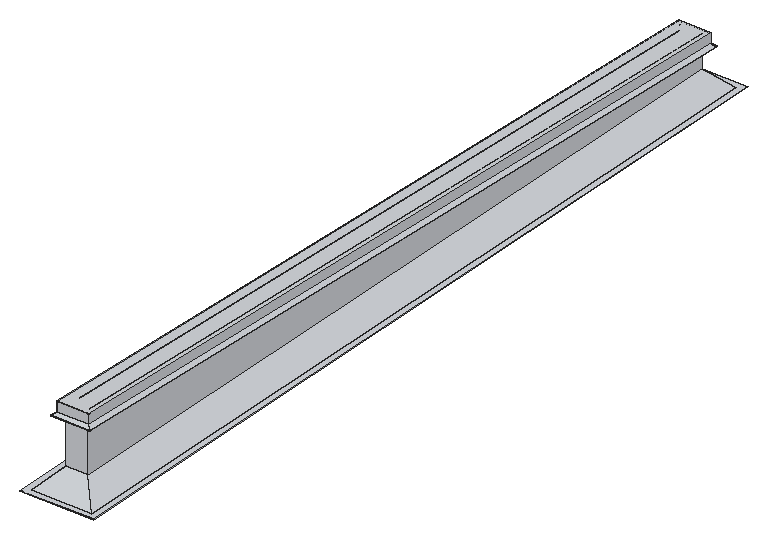
Revit family "UES-2", category Mechanical Equipment, Revit 2015
Parameters
  Width = 0' - 3 1/2"
  URL = "https://unitedenertech.com/catalog/pdf/M_6%20UES-2.pdf"
  Type Comments = "Consult Factory for Max. Sizes"
  Roof Slope = 2.00°
  Model = "UES-2"
  Manufacturer = "United Enertech Corporation"
  Length = 10' - 0"
  Height (8" Standard) = 0' - 8"
  Description = "Equipment Support"
  Cap Width [instance] = Width + 0' 1 1/2"  # 0' - 5"
  Cap Length [instance] = Length + 0' 1 1/2"  # 10' - 1 1/2"
Reference planes (in)
  plane 1 "Center (Front/Back)": y = 0
  plane 2: z = 0
  plane 3 "Center (Left/Right)": x = 0
  plane 4: x = -1.75
  plane 5: x = 1.75
  plane 6: x = -4.75
  plane 7: x = -5.75
  plane 8: x = 4.75
  plane 9: x = 5.75
  plane 10: y = -60
  plane 11: y = -120
  plane 12: y = 3
  plane 13: y = 4
  plane 14: y = -123
  plane 15: y = -124
  plane 16: z = 0.0478
  plane 17: z = 3.0478
  plane 18: z = 8
  plane 19: z = 7.9522
  plane 20: z = 6.4522
  plane 21: x = -2.5
  plane 22: x = 2.5
  plane 23: y = 0.75
  plane 24: y = -120.75
Forms (in)
  Extrusion 1, solid
    sketch origin (0, 0, 0) x (0, 1, 0) y (0, 0, 1)
      loop
        line (4, 0.13968) -> (4, 0.18748) -> (-124, -4.28238) -> (-124, -4.33018) -> (4, 0.13968)
    from -5.75 to 5.75
  Extrusion 2, solid, material "Wood (Oak)"
    sketch origin (0, 0, 0) x (1, 0, 0) y (0, 0, 1)
      loop
        line (-1.75, 6.4522) -> (1.75, 6.4522) -> (1.75, 7.9522) -> (-1.75, 7.9522) -> (-1.75, 6.4522)
    from 0 to 120
  Extrusion 3, solid
    sketch origin (0, 0, 0) x (0, 1, 0) y (0, 0, 1)
      loop
        line (0, 6.4522) -> (-120, 6.4522) -> (-120, -1.14269) -> (0, 3.0478) -> (0, 6.4522)
    from -1.75 to 1.75
  Extrusion 4, solid
    sketch origin (0, 0, 0) x (0, 1, 0) y (0, 0, 1)
      loop
        line (0, 3.0478) -> (0, 0.0478) -> (3, 0.15256) -> (0, 3.0478)
    from -4.75 to 4.75
  Extrusion 5, solid
    sketch origin (0, 0, 0) x (0, 1, 0) y (0, 0, 1)
      loop
        line (-120, -1.14269) -> (-123, -4.24745) -> (-120, -4.14269) -> (-120, -1.14269)
    from -4.75 to 4.75
  Blend 6, solid
    base sketch origin (0, 0, 0) x (0, 1, 0) y (0, 0, 1)
      loop
        line (3, 0.10476) -> (3, 0.15256) -> (-123, -4.24745) -> (-123, -4.29525) -> (3, 0.10476)
    top sketch origin (0, 0, 0) x (0, 1, 0) y (0, 0, 1)
      loop
        line (3, 0.10476) -> (3, 3.15256) -> (-123, -1.24745) -> (-123, -4.29525) -> (3, 0.10476)
    from -4.75 to -1.75
  Blend 7, solid
    base sketch origin (0, 0, 0) x (0, 1, 0) y (0, 0, 1)
      loop
        line (3, 0.10476) -> (3, 0.15256) -> (-123, -4.24745) -> (-123, -4.29525) -> (3, 0.10476)
    top sketch origin (0, 0, 0) x (0, 1, 0) y (0, 0, 1)
      loop
        line (3, 0.10476) -> (3, 3.15256) -> (-123, -1.24745) -> (-123, -4.29525) -> (3, 0.10476)
    from 4.75 to 1.75
  Extrusion 8, void
    sketch origin (-241.1404, -40.70941, 0) x (1, 0, 0) y (0, 1, 0)
      loop
        line (217.60613, -54.00632) -> (245.8904, -82.29059) -> (245.8904, -54.00632) -> (217.60613, -54.00632)
    from -449.07591 to 641.22837
  Extrusion 9, void
    sketch origin (-222.35613, 9.00632, 0) x (1, 0, 0) y (0, 1, 0)
      loop
        line (217.60613, -6.00632) -> (245.8904, -34.29059) -> (245.8904, -6.00632) -> (217.60613, -6.00632)
    from -527.06207 to 741.18374
  Extrusion 10, void
    sketch origin (-275.04567, 5.59022, 0) x (1, 0, 0) y (0, 1, 0)
      loop
        line (249.39007, -32.99581) -> (279.79567, -2.59022) -> (249.39007, -2.59022) -> (249.39007, -32.99581)
    from -347.06695 to 700.86025
  Extrusion 11, void
    sketch origin (-254.14007, -42.00419, 0) x (1, 0, 0) y (0, 1, 0)
      loop
        line (249.39007, -80.99581) -> (279.79567, -50.59022) -> (249.39007, -50.59022) -> (249.39007, -80.99581)
    from -422.34024 to 769.89733
  Extrusion 12, void
    sketch origin (-236.13704, 5.54592, 0) x (1, 0, 0) y (0, 1, 0)
      loop
        line (240.88704, -128.54592) -> (217.55251, -105.2114) -> (217.55251, -128.54592) -> (240.88704, -128.54592)
    from -734.96275 to 1325.69498
  Extrusion 13, void
    sketch origin (-222.30251, 60.2114, 0) x (1, 0, 0) y (0, 1, 0)
      loop
        line (288.88704, -128.54592) -> (217.55251, -57.2114) -> (217.55251, -128.54592) -> (288.88704, -128.54592)
    from -903.08168 to 960.30371
  Extrusion 14, void
    sketch origin (-283.40378, 3.2669, 0) x (1, 0, 0) y (0, 1, 0)
      loop
        line (278.65378, -126.2669) -> (301.2812, -126.2669) -> (301.2812, -103.63948) -> (278.65378, -126.2669)
    from -644.42914 to 923.98472
  Extrusion 15, void
    sketch origin (-296.5312, 58.63948, 0) x (1, 0, 0) y (0, 1, 0)
      loop
        line (278.65378, -78.2669) -> (301.2812, -78.2669) -> (301.2812, -55.63948) -> (278.65378, -78.2669)
    from -638.16384 to 880.1276
Cuts and joins
  Extrusion 9, Extrusion 14 cuts Blend 6
  Extrusion 8, Extrusion 11 cuts Extrusion 5
  Extrusion 10, Extrusion 12 cuts Blend 7
  Extrusion 13, Extrusion 15 cuts Extrusion 4
Lines and regions (in)
  reference lines
    curve 1: line (0, 0, 0) -> (0, -155.90497, -5.44432)
    curve 2: line (0, 0, 0.0478) -> (0, -45.22243, -1.5314)
    curve 3: line (0, 0, 3.0478) -> (0, -54.71665, 1.13705)
Dimensions and locks (in)
  equal spacing: plane 4, plane 3 "Center (Left/Right)", plane 5
  "Width": plane 4 to plane 5
  locked: plane 6 to plane 4 at 3
  locked: plane 7 to plane 6 at 1
  locked: plane 9 to plane 8 at 1
  locked: plane 5 to plane 8 at 3
  equal spacing: plane 11, plane 10, plane 1 "Center (Front/Back)"
  "Length": plane 1 "Center (Front/Back)" to plane 11
  locked: plane 1 "Center (Front/Back)" to plane 12 at 3
  locked: plane 13 to plane 12 at 1
  locked: plane 15 to plane 14 at 1
  locked: plane 14 to plane 11 at 3
  locked: plane 16 to level at 0.0478
  locked: plane 17 to plane 16 at 3
  locked: plane 18 to plane 19 at 0.0478
  locked: plane 19 to plane 20 at 1.5
  "Height (8" Standard)": plane 18 to level
  locked: plane 4 to plane 21 at 0.75
  locked: plane 5 to plane 22 at 0.75
  locked: plane 23 to plane 1 "Center (Front/Back)" at 0.75
  locked: plane 11 to plane 24 at 0.75
  "Roof Slope": angle curve 1 to level
  "Roof Slope": angle curve 3 to plane 17
  "Roof Slope": angle curve 2 to plane 16
  locked: Extrusion 8 sketch curve to Extrusion 8 sketch curve (angle 45.00°)  (x2)
  locked: Extrusion 9 sketch curve to Extrusion 9 sketch curve (angle 45.00°)  (x2)
  locked: Extrusion 10 sketch curve to Extrusion 10 sketch curve (angle 45.00°)  (x2)
  locked: Extrusion 11 sketch curve to Extrusion 11 sketch curve (angle 45.00°)  (x2)
  locked: Extrusion 12 sketch curve to Extrusion 12 sketch curve (angle 45.00°)  (x2)
  locked: Extrusion 13 sketch curve to Extrusion 13 sketch curve (angle 45.00°)  (x2)
  locked: Extrusion 14 sketch curve to Extrusion 14 sketch curve (angle 45.00°)  (x2)
  locked: Extrusion 15 sketch curve to Extrusion 15 sketch curve (angle 45.00°)  (x2)
  aligned and locked: level to plane 2
  aligned and locked: plane 1 "Center (Front/Back)" to curve 1
  aligned and locked: level to curve 1
  aligned and locked: plane 1 "Center (Front/Back)" to curve 3
  aligned and locked: plane 1 "Center (Front/Back)" to curve 2
  aligned and locked: plane 16 to curve 2
  aligned and locked: plane 17 to curve 3
  aligned and locked: Extrusion 1 sketch curve to plane 13
  aligned and locked: Extrusion 1 sketch curve to plane 15
  aligned and locked: Extrusion 1 sketch curve to curve 2
  aligned and locked: Extrusion 1 sketch curve to curve 1
  aligned and locked: Extrusion 1 to plane 7
  aligned and locked: Extrusion 1 to plane 9
  aligned and locked: nested 1 to plane 10
  aligned and locked: nested 1 to plane 3 "Center (Left/Right)"
  aligned and locked: nested 1 to plane 18
  aligned and locked: plane 19 to Extrusion 2 sketch curve
  aligned and locked: Extrusion 2 sketch curve to plane 4
  aligned and locked: plane 5 to Extrusion 2 sketch curve
  aligned and locked: Extrusion 2 sketch curve to plane 20
  aligned and locked: Extrusion 2 to plane 1 "Center (Front/Back)"
  aligned and locked: Extrusion 2 to plane 11
  aligned and locked: Extrusion 3 sketch curve to plane 20
  aligned and locked: Extrusion 3 sketch curve to curve 3
  aligned and locked: plane 11 to Extrusion 3 sketch curve
  aligned and locked: plane 1 "Center (Front/Back)" to Extrusion 3 sketch curve
  aligned and locked: Extrusion 3 to plane 4
  aligned and locked: Extrusion 4 sketch curve to plane 1 "Center (Front/Back)"
  aligned and locked: plane 12 to Extrusion 4 sketch curve
  aligned and locked: Extrusion 4 sketch curve to Extrusion 1
  aligned and locked: Extrusion 1 to Extrusion 4 sketch curve
  aligned and locked: Extrusion 4 to plane 6
  aligned and locked: Extrusion 4 to plane 8
  aligned and locked: plane 11 to Extrusion 5 sketch curve
  aligned and locked: curve 3 to Extrusion 5 sketch curve
  aligned and locked: curve 2 to Extrusion 5 sketch curve
  aligned and locked: plane 14 to Extrusion 5 sketch curve
  aligned and locked: Extrusion 5 sketch curve to curve 2
  aligned and locked: plane 6 to Extrusion 5
  aligned and locked: Extrusion 5 to plane 8
  aligned and locked: plane 12 to Blend 6 sketch curve  (x2)
  aligned and locked: plane 14 to Blend 6 sketch curve  (x2)
  aligned and locked: Extrusion 1 to Blend 6 sketch curve  (x2)
  aligned and locked: Blend 6 sketch curve to curve 3
  aligned and locked: Blend 6 sketch curve to curve 1
  aligned and locked: Blend 6 to plane 4
  aligned and locked: Blend 6 to plane 6
  aligned and locked: Blend 7 to plane 5
  aligned and locked: Blend 7 to plane 8
  aligned and locked: plane 12 to Blend 7 sketch curve
  aligned and locked: plane 14 to Blend 7 sketch curve  (x2)
  aligned and locked: Blend 7 sketch curve to curve 1  (x2)
  aligned and locked: Blend 7 sketch curve to curve 3
  aligned and locked: Blend 7 sketch curve to plane 12
  aligned and locked: Extrusion 1 to Blend 7 sketch curve
  aligned and locked: plane 6 to Extrusion 9 sketch curve
  aligned and locked: plane 12 to Extrusion 9 sketch curve
  aligned and locked: plane 14 to Extrusion 8 sketch curve
  aligned and locked: plane 8 to Extrusion 8 sketch curve
  aligned and locked: plane 8 to Extrusion 10 sketch curve
  aligned and locked: plane 12 to Extrusion 10 sketch curve
  aligned and locked: plane 14 to Extrusion 11 sketch curve
  aligned and locked: Extrusion 11 sketch curve to plane 6
  aligned and locked: plane 12 to Extrusion 13 sketch curve
  aligned and locked: plane 6 to Extrusion 13 sketch curve
  aligned and locked: plane 14 to Extrusion 12 sketch curve
  aligned and locked: plane 8 to Extrusion 12 sketch curve
  aligned and locked: plane 14 to Extrusion 14 sketch curve
  aligned and locked: Extrusion 14 sketch curve to plane 6
  aligned and locked: plane 12 to Extrusion 15 sketch curve
  aligned and locked: plane 8 to Extrusion 15 sketch curve
Automatic sketch dimensions
  Extrusion 4 sketch curve to plane 17 = 0' - 0"
  Extrusion 8 sketch curve to Extrusion 8 sketch curve = 2' - 4.28427"
  Extrusion 9 sketch curve to Extrusion 9 sketch curve = 2' - 4.28427"
  Extrusion 10 sketch curve to Extrusion 10 sketch curve = 2' - 6.40559"
  Extrusion 11 sketch curve to Extrusion 11 sketch curve = 2' - 6.40559"
  plane 11 to Extrusion 12 sketch curve = 1' - 8.33452"
  Extrusion 13 sketch curve to plane 15 = 4' - 7.66548"
  Extrusion 14 sketch curve to Extrusion 14 sketch curve = 1' - 10.62742"
  Extrusion 15 sketch curve to Extrusion 15 sketch curve = 1' - 10.62742"
Nested families (in)
  nested 1: "Rail Cap" at (0, -60, 6), type "Rail Cap"
    with B Side Base I.D. 10' - 1 1/2", A Side Base I.D. 0' - 5"
Definition of nested family "Rail Cap"
  Parameters (values of type "Rail Cap")
    URL = ""
    Type Comments = ""
    Model = ""
    Manufacturer = ""
    Description = ""
    B Side Base I.D. = 3' - 0"
    A Side Base I.D. = 3' - 0"
  Reference planes (in)
    plane 1 "Center (Front/Back)": y = 0
    plane 2: z = 0
    plane 3 "Center (Left/Right)": x = 0
    plane 4: x = -18
    plane 5: x = 18
    plane 6: y = -18
    plane 7: y = 18
    plane 8: x = -18.0478
    plane 9: y = -18.0478
    plane 10: x = 18.0478
    plane 11: y = 18.0478
    plane 12: z = 2
    plane 13: z = 0.5
    plane 14: z = 1.9522
    plane 15: x = -18.5478
    plane 16: y = -18.5478
    plane 17: x = 18.5478
    plane 18: y = 18.5478
    plane 19: z = 1.5772
    plane 20: y = 19.0478
    plane 21: y = -19.0478
    plane 22: x = -19.0478
    plane 23: x = 19.0478
  Forms (in)
    Extrusion 1, solid
      sketch origin (0, 0, 0) x (1, 0, 0) y (0, 0, 1)
        loop
          line (-18.54622, 0.00144) -> (-18, 0.5) -> (-18, 1.9522) -> (-18.0478, 1.9522) -> (-18.0478, 0.51984) -> (-18.5794, 0.03462) -> (-18.54622, 0.00144)
      from -18.5478 to 18.5478
    Extrusion 2, solid
      sketch origin (0, 0, 0) x (-1, 0, 0) y (0, 0, -1)
        loop
          line (-18.54622, -0.00144) -> (-18.5794, -0.03462) -> (-18.0478, -0.51984) -> (-18.0478, -1.9522) -> (-18, -1.9522) -> (-18, -0.5) -> (-18.54622, -0.00144)
      from -18.5478 to 18.5478
    Extrusion 3, solid
      sketch origin (0, 0, 0) x (0, 1, 0) y (0, 0, 1)
        loop
          line (-18, 1.9522) -> (-18.0478, 1.9522) -> (-18.0478, 0.51988) -> (-18.58098, 0.03462) -> (-18.5478, 0.00144) -> (-18, 0.5) -> (-18, 1.9522)
      from -18.5478 to 18.5478
    Extrusion 4, solid
      sketch origin (0, 0, 0) x (0, -1, 0) y (0, 0, -1)
        loop
          line (-18, -1.9522) -> (-18, -0.5) -> (-18.5478, -0.00144) -> (-18.58098, -0.03462) -> (-18.0478, -0.51988) -> (-18.0478, -1.9522) -> (-18, -1.9522)
      from -18.5478 to 18.5478
    Extrusion 5, void
      sketch origin (-93.15685, -31.93875, 0) x (1, 0, 0) y (0, 1, 0)
        loop
          line (106.5478, 18.5478) -> (112.20465, 12.89095) -> (112.20465, 18.5478) -> (106.5478, 18.5478)
      from -1.29054 to 3.19849
    Extrusion 6, void
      sketch origin (-125.5956, 0.5, 0) x (1, 0, 0) y (0, 1, 0)
        loop
          line (106.5478, 18.5478) -> (112.20465, 12.89095) -> (112.20465, 18.5478) -> (106.5478, 18.5478)
      from -3.18066 to 4.14355
    Extrusion 7, void
      sketch origin (-109.38054, -28.0092, 0) x (1, 0, 0) y (0, 1, 0)
        loop
          line (117.42834, 19.9614) -> (117.42834, 8.9614) -> (128.42834, 8.9614) -> (117.42834, 19.9614)
      from -1.13303 to 3.27725
    Extrusion 8, void
      sketch origin (-136.47614, -0.9136, 0) x (1, 0, 0) y (0, 1, 0)
        loop
          line (117.42834, 19.9614) -> (117.42834, 8.9614) -> (128.42834, 8.9614) -> (117.42834, 19.9614)
      from -1.68432 to 3.74977
    Extrusion 9, void
      sketch origin (-121.30312, -30.02453, 0) x (1, 0, 0) y (0, 1, 0)
        loop
          line (109.32639, 18.0478) -> (102.25532, 18.0478) -> (102.25532, 10.97673) -> (109.32639, 18.0478)
      from -1.13303 to 3.59226
    Extrusion 10, void
      sketch origin (-90.27859, 1, 0) x (1, 0, 0) y (0, 1, 0)
        loop
          line (109.32639, 18.0478) -> (102.25532, 18.0478) -> (102.25532, 10.97673) -> (109.32639, 18.0478)
      from -1.44805 to 3.51351
    Extrusion 11, void
      sketch origin (-116.53283, -32.26123, 0) x (1, 0, 0) y (0, 1, 0)
        loop
          line (105.97031, 21.69871) -> (97.48503, 13.21343) -> (105.97031, 13.21343) -> (105.97031, 21.69871)
      from -1.3693 to 3.82853
    Extrusion 12, void
      sketch origin (-86.92251, -2.65091, 0) x (1, 0, 0) y (0, 1, 0)
        loop
          line (105.97031, 21.69871) -> (97.48503, 13.21343) -> (105.97031, 13.21343) -> (105.97031, 21.69871)
      from -0.97552 to 3.04098
    Extrusion 13, solid
      sketch origin (0, 0, 0) x (1, 0, 0) y (0, 1, 0)
        loop
          line (-18.0478, -18.0478) -> (18.0478, -18.0478) -> (18.0478, 18.0478) -> (-18.0478, 18.0478) -> (-18.0478, -18.0478)
      from 1.9522 to 2
  Cuts and joins
    Extrusion 6, Extrusion 11 cuts Extrusion 1
    Extrusion 5, Extrusion 9 cuts Extrusion 3
    Extrusion 8, Extrusion 12 cuts Extrusion 4
    Extrusion 7, Extrusion 10 cuts Extrusion 2
  Dimensions and locks (in)
    equal spacing: plane 4, plane 3 "Center (Left/Right)", plane 5
    "A Side Base I.D.": plane 4 to plane 5
    equal spacing: plane 7, plane 1 "Center (Front/Back)", plane 6
    "B Side Base I.D.": plane 7 to plane 6
    locked: plane 6 to plane 9 at 0.0478
    locked: plane 11 to plane 7 at 0.0478
    locked: plane 8 to plane 4 at 0.0478
    locked: plane 5 to plane 10 at 0.0478
    locked: plane 12 to level at 2
    locked: plane 13 to level at 0.5
    locked: plane 12 to plane 14 at 0.0478
    locked: plane 9 to plane 16 at 0.5
    locked: plane 15 to plane 8 at 0.5
    locked: plane 11 to plane 18 at 0.5
    locked: plane 10 to plane 17 at 0.5
    locked: plane 14 to plane 19 at 0.375
    locked: plane 18 to plane 20 at 0.5
    locked: plane 21 to plane 16 at 0.5
    locked: plane 22 to plane 15 at 0.5
    locked: plane 17 to plane 23 at 0.5
    locked: Extrusion 5 sketch curve to Extrusion 5 sketch curve (angle 45.00°)  (x2)
    locked: Extrusion 6 sketch curve to Extrusion 6 sketch curve (angle 45.00°)  (x2)
    locked: Extrusion 7 sketch curve to Extrusion 7 sketch curve (angle 45.00°)  (x2)
    locked: Extrusion 8 sketch curve to Extrusion 8 sketch curve (angle 45.00°)  (x2)
    locked: Extrusion 9 sketch curve to Extrusion 9 sketch curve (angle 45.00°)  (x2)
    locked: Extrusion 10 sketch curve to Extrusion 10 sketch curve (angle 45.00°)  (x2)
    locked: Extrusion 11 sketch curve to Extrusion 11 sketch curve (angle 45.00°)  (x2)
    locked: Extrusion 12 sketch curve to Extrusion 12 sketch curve (angle 45.00°)  (x2)
    aligned and locked: level to plane 2
    aligned and locked: plane 4 to Extrusion 1 sketch curve
    aligned and locked: Extrusion 1 sketch curve to plane 8
    aligned and locked: plane 14 to Extrusion 1 sketch curve
    aligned and locked: plane 13 to Extrusion 1 sketch curve
    aligned and locked: Extrusion 2 sketch curve to plane 14
    aligned and locked: plane 5 to Extrusion 2 sketch curve
    aligned and locked: plane 10 to Extrusion 2 sketch curve
    aligned and locked: plane 13 to Extrusion 2 sketch curve
    aligned and locked: Extrusion 1 to plane 18
    aligned and locked: Extrusion 1 to plane 16
    aligned and locked: Extrusion 2 to plane 16
    aligned and locked: Extrusion 2 to plane 18
    aligned and locked: plane 16 to Extrusion 3 sketch curve
    aligned and locked: plane 6 to Extrusion 3 sketch curve  (x2)
    aligned and locked: plane 13 to Extrusion 3 sketch curve
    aligned and locked: plane 9 to Extrusion 3 sketch curve
    aligned and locked: Extrusion 3 sketch curve to plane 14
    aligned and locked: Extrusion 4 sketch curve to plane 11
    aligned and locked: plane 7 to Extrusion 4 sketch curve
    aligned and locked: plane 14 to Extrusion 4 sketch curve
    aligned and locked: plane 13 to Extrusion 4 sketch curve
    aligned and locked: plane 18 to Extrusion 4 sketch curve
    aligned and locked: Extrusion 3 to plane 15
    aligned and locked: Extrusion 3 to plane 17
    aligned and locked: Extrusion 4 to plane 17
    aligned and locked: Extrusion 4 to plane 15
    aligned and locked: plane 22 to Extrusion 6 sketch curve
    aligned and locked: plane 20 to Extrusion 6 sketch curve
    aligned and locked: plane 21 to Extrusion 5 sketch curve
    aligned and locked: plane 23 to Extrusion 5 sketch curve
    aligned and locked: plane 20 to Extrusion 8 sketch curve
    aligned and locked: plane 22 to Extrusion 8 sketch curve
    aligned and locked: plane 21 to Extrusion 7 sketch curve
    aligned and locked: plane 23 to Extrusion 7 sketch curve
    aligned and locked: plane 23 to Extrusion 10 sketch curve
    aligned and locked: plane 20 to Extrusion 10 sketch curve
    aligned and locked: plane 21 to Extrusion 9 sketch curve
    aligned and locked: Extrusion 9 sketch curve to plane 22
    aligned and locked: plane 20 to Extrusion 12 sketch curve
    aligned and locked: plane 23 to Extrusion 12 sketch curve
    aligned and locked: Extrusion 11 sketch curve to plane 22
    aligned and locked: plane 21 to Extrusion 11 sketch curve
    aligned and locked: Extrusion 13 sketch curve to plane 8
    aligned and locked: Extrusion 13 sketch curve to plane 11
    aligned and locked: Extrusion 13 sketch curve to plane 9
    aligned and locked: Extrusion 13 sketch curve to plane 10
    aligned and locked: Extrusion 13 to plane 14
    aligned and locked: plane 12 to Extrusion 13
  Automatic sketch dimensions
    plane 15 to Extrusion 1 sketch curve = 0' - 0.00158"
    Extrusion 1 sketch curve to plane 15 = 0' - 0.0316"
    level to Extrusion 1 sketch curve = 0' - 0.03462"
    level to Extrusion 1 sketch curve = 0' - 0.00144"
    plane 13 to Extrusion 1 sketch curve = 0' - 0.01984"
    Extrusion 2 sketch curve to plane 17 = 0' - 0.00158"
    plane 17 to Extrusion 2 sketch curve = 0' - 0.0316"
    Extrusion 2 sketch curve to level = 0' - 0.03462"
    Extrusion 2 sketch curve to level = 0' - 0.00144"
    Extrusion 2 sketch curve to plane 13 = 0' - 0.01984"
    Extrusion 3 sketch curve to plane 16 = 0' - 0.03318"
    level to Extrusion 3 sketch curve = 0' - 0.03462"
    level to Extrusion 3 sketch curve = 0' - 0.00144"
    plane 13 to Extrusion 3 sketch curve = 0' - 0.01988"
    plane 18 to Extrusion 4 sketch curve = 0' - 0.03318"
    Extrusion 4 sketch curve to level = 0' - 0.03462"
    Extrusion 4 sketch curve to level = 0' - 0.00144"
    Extrusion 4 sketch curve to plane 13 = 0' - 0.01988"
    Extrusion 5 sketch curve to plane 5 = 0' - 4.60905"
    plane 4 to Extrusion 6 sketch curve = 0' - 4.60905"
    plane 1 "Center (Front/Back)" to Extrusion 7 sketch curve = 0' - 8.0478"
    Extrusion 8 sketch curve to plane 1 "Center (Front/Back)" = 0' - 8.0478"
    plane 4 to Extrusion 9 sketch curve = 0' - 6.02327"
    Extrusion 10 sketch curve to plane 5 = 0' - 6.02327"
    Extrusion 11 sketch curve to Extrusion 11 sketch curve = 0' - 8.48528"
    Extrusion 12 sketch curve to plane 7 = 0' - 7 7/16"
